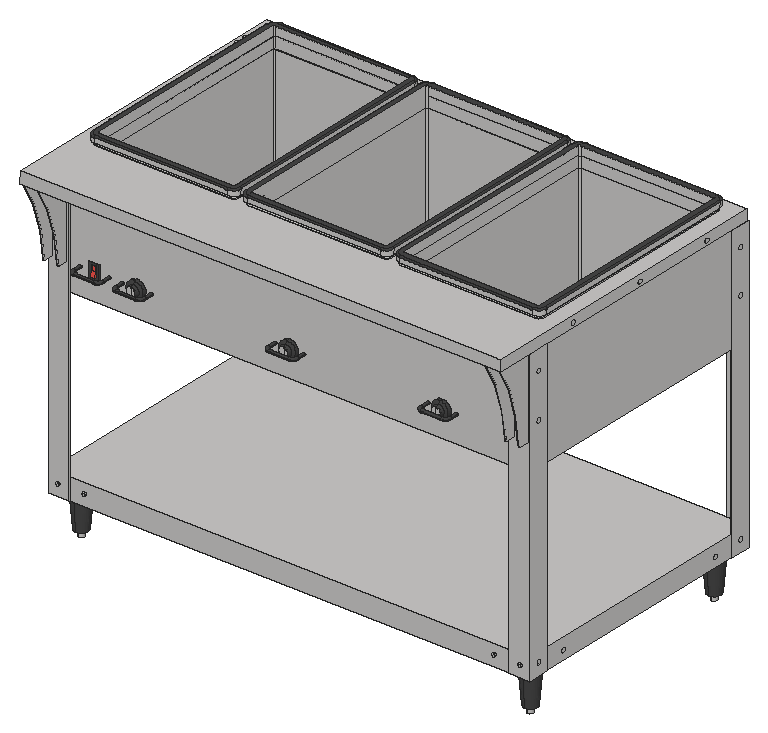
Revit family "QF_VOLLRATH_38203_SERVEWELL_SL_HOT_FOOD_TABLE", category Specialty Equipment, Revit 2022 (continued)
Definition of nested family "QF_VOLLRATH_38203"
  Automatic sketch dimensions
    Extrusion 26 sketch curve to Extrusion 26 sketch curve = 0.00199"
    Extrusion 26 sketch curve to Extrusion 26 sketch curve = 0.23749"
    Extrusion 26 sketch curve to Extrusion 26 sketch curve = 0"
    Extrusion 26 sketch curve to Extrusion 26 sketch curve = 0.25882"
    plane 12 to Extrusion 27 sketch curve = 6.80179"
    Extrusion 27 sketch curve to plane 6 "TOP" = 13.11387"
    Extrusion 28 sketch curve to plane 7 "Center Y" = 0.18117"
    Extrusion 28 sketch curve to plane 7 "Center Y" = 0.14163"
    Extrusion 28 sketch curve to plane 7 "Center Y" = 0.06355"
    plane 7 "Center Y" to Extrusion 28 sketch curve = 0.07708"
    plane 7 "Center Y" to Extrusion 28 sketch curve = 0.14883"
    plane 7 "Center Y" to Extrusion 28 sketch curve = 0.18117"
    plane 11 to Extrusion 28 sketch curve = 13 225/256"
    Extrusion 28 sketch curve to Extrusion 28 sketch curve = 0.77431"
    Extrusion 28 sketch curve to Extrusion 28 sketch curve = 0.00199"
    Extrusion 28 sketch curve to Extrusion 28 sketch curve = 0.23749"
    Extrusion 28 sketch curve to Extrusion 28 sketch curve = 0"
    Extrusion 28 sketch curve to Extrusion 28 sketch curve = 0.25882"
    plane 7 "Center Y" to Extrusion 29 sketch curve = 0.00088"
    Extrusion 29 sketch curve to plane 6 "TOP" = 13.11387"
    plane 4 "RIGHT" to Extrusion 30 sketch curve = 8.49367"
    Extrusion 30 sketch curve to Extrusion 30 sketch curve = 0.03954"
    Extrusion 30 sketch curve to Extrusion 30 sketch curve = 0.11762"
    Extrusion 30 sketch curve to Extrusion 30 sketch curve = 9/64"
    Extrusion 30 sketch curve to Extrusion 30 sketch curve = 0.29046"
    Extrusion 30 sketch curve to Extrusion 30 sketch curve = 0.10409"
    plane 11 to Extrusion 30 sketch curve = 13 225/256"
    Extrusion 30 sketch curve to Extrusion 30 sketch curve = 0.77431"
    Extrusion 30 sketch curve to Extrusion 30 sketch curve = 0.00199"
    Extrusion 30 sketch curve to Extrusion 30 sketch curve = 0.23749"
    Extrusion 30 sketch curve to Extrusion 30 sketch curve = 0"
    Extrusion 30 sketch curve to Extrusion 30 sketch curve = 0.25882"
    plane 4 "RIGHT" to Extrusion 31 sketch curve = 8.31162"
    Extrusion 31 sketch curve to plane 6 "TOP" = 13.11387"
    Extrusion 1 to Extrusion 32 sketch curve = 0.93013"  (x3)
    Extrusion 32 sketch curve to Extrusion 32 sketch curve = 2.99269"
    Extrusion 1 to Extrusion 32 sketch curve = 0.52024"  (x3)
    Extrusion 32 sketch curve to Extrusion 32 sketch curve = 4.0321"
    Extrusion 32 sketch curve to Extrusion 32 sketch curve = 8"  (x2)
    Extrusion 1 to Extrusion 32 sketch curve = 7.39159"
    Extrusion 1 to Extrusion 32 sketch curve = 4.40301"
    Extrusion 32 sketch curve to Extrusion 1 = 1.81291"
    Extrusion 32 sketch curve to Extrusion 32 sketch curve = 0"
    Extrusion 32 sketch curve to Extrusion 32 sketch curve = 2.98858"
    Extrusion 32 sketch curve to Extrusion 1 = 1.79886"
    Extrusion 32 sketch curve to Extrusion 32 sketch curve = 4.15231"
    Extrusion 32 sketch curve to Extrusion 32 sketch curve = 4 1/4"
    Extrusion 32 sketch curve to Extrusion 32 sketch curve = 20 3/4"
    Extrusion 32 sketch curve to Extrusion 32 sketch curve = 20.91394"
    Extrusion 32 sketch curve to Extrusion 32 sketch curve = 0.26147"
    Extrusion 32 sketch curve to Extrusion 32 sketch curve = 0.20927"
    plane 1 "BACK" to Extrusion 33 sketch curve = 0.93013"  (x3)
    plane 9 to Extrusion 33 sketch curve = 0.97789"  (x2)
    Extrusion 33 sketch curve to Extrusion 33 sketch curve = 2.99269"
    Extrusion 33 sketch curve to plane 6 "TOP" = 1.42378"  (x3)
    Extrusion 33 sketch curve to Extrusion 33 sketch curve = 4.0321"
    plane 8 "Center X" to Extrusion 33 sketch curve = 1.78778"
    plane 13 to Extrusion 33 sketch curve = 2.81572"
    plane 10 to Extrusion 33 sketch curve = 3.89159"
    plane 10 to Extrusion 33 sketch curve = 0.90301"  (x3)
    Extrusion 33 sketch curve to plane 11 = 0.81284"
    Extrusion 33 sketch curve to plane 11 = 0.76064"
    Extrusion 33 sketch curve to plane 6 "TOP" = 8.01064"
    Extrusion 33 sketch curve to Extrusion 33 sketch curve = 6.47512"
    Extrusion 33 sketch curve to plane 6 "TOP" = 3.76064"
    Extrusion 33 sketch curve to plane 6 "TOP" = 3.74659"
    Extrusion 34 sketch curve to Extrusion 3 = 0.93848"  (x3)
    Extrusion 34 sketch curve to Extrusion 3 = 1.43848"
    Extrusion 3 to Extrusion 34 sketch curve = 1.09351"  (x4)
    Extrusion 34 sketch curve to Extrusion 34 sketch curve = 39.24805"
    Extrusion 34 sketch curve to Extrusion 34 sketch curve = 2 1/2"
    Extrusion 3 to Extrusion 34 sketch curve = 6.04277"
    Extrusion 34 sketch curve to Extrusion 34 sketch curve = 0"  (x2)
    Extrusion 3 to Extrusion 34 sketch curve = 1.79277"  (x2)
    Extrusion 34 sketch curve to Extrusion 34 sketch curve = 4 1/4"
    Revolve 35 sketch curve to plane 9 = 0"
    Revolve 35 sketch curve to level = 0"
    plane 10 to Revolve 35 sketch curve = 1.00812"
    level to Revolve 35 sketch curve = 9/16"
    plane 10 to Revolve 35 sketch curve = 1.30886"
    Revolve 35 sketch curve to Revolve 35 sketch curve = 0.34739"
    Revolve 35 sketch curve to Revolve 35 sketch curve = 9/32"  (x2)
    Revolve 35 sketch curve to Revolve 35 sketch curve = 1/4"
    Revolve 35 sketch curve to Revolve 35 sketch curve = 1/16"
    Revolve 36 sketch curve to plane 9 = 0"
    Revolve 36 sketch curve to level = 0"
    plane 1 "BACK" to Revolve 36 sketch curve = 1.13312"
    level to Revolve 36 sketch curve = 9/16"
    plane 1 "BACK" to Revolve 36 sketch curve = 1.43386"
    Revolve 36 sketch curve to Revolve 36 sketch curve = 0.34739"
    Revolve 36 sketch curve to Revolve 36 sketch curve = 9/32"  (x2)
    Revolve 36 sketch curve to Revolve 36 sketch curve = 1/16"
    Revolve 36 sketch curve to Revolve 36 sketch curve = 1/4"
    Revolve 37 sketch curve to plane 9 = 0"
    Revolve 37 sketch curve to level = 0"
    plane 1 "BACK" to Revolve 37 sketch curve = 1.13312"
    level to Revolve 37 sketch curve = 9/16"
    plane 1 "BACK" to Revolve 37 sketch curve = 1.43386"
    Revolve 37 sketch curve to Revolve 37 sketch curve = 0.34739"
    Revolve 37 sketch curve to Revolve 37 sketch curve = 9/32"  (x2)
    Revolve 37 sketch curve to level = 1/4"
    Revolve 37 sketch curve to Revolve 37 sketch curve = 1/16"
    plane 13 to Blend 38 sketch curve = 0"
    plane 4 "RIGHT" to Blend 38 sketch curve = 5.93727"
    plane 4 "RIGHT" to Blend 38 sketch curve = 1.43727"
    plane 10 to Blend 38 sketch curve = 2.97336"
    plane 13 to Blend 38 sketch curve = 1/2"
    plane 4 "RIGHT" to Blend 38 sketch curve = 5.43727"
    plane 4 "RIGHT" to Blend 38 sketch curve = 1.93727"
    plane 10 to Blend 38 sketch curve = 3.47336"
    plane 13 to Blend 39 sketch curve = 0"
    plane 12 to Blend 39 sketch curve = 4.43727"
    Blend 39 sketch curve to plane 12 = 0.06273"
    plane 10 to Blend 39 sketch curve = 2.97336"
    plane 13 to Blend 39 sketch curve = 1/2"
    plane 12 to Blend 39 sketch curve = 3.93727"
    plane 12 to Blend 39 sketch curve = 0.43727"
    plane 10 to Blend 39 sketch curve = 3.47336"
    plane 4 "RIGHT" to Blend 40 sketch curve = 5.93727"
    plane 4 "RIGHT" to Blend 40 sketch curve = 1.43727"
    plane 8 "Center X" to Blend 40 sketch curve = 6.8801"
    Blend 40 sketch curve to Blend 40 sketch curve = 4.88014"
    plane 4 "RIGHT" to Blend 40 sketch curve = 5.43727"
    plane 4 "RIGHT" to Blend 40 sketch curve = 1.93727"
    plane 8 "Center X" to Blend 40 sketch curve = 7.3801"
    Blend 40 sketch curve to Blend 40 sketch curve = 3.88014"
    plane 12 to Blend 41 sketch curve = 4.43727"
    Blend 41 sketch curve to plane 12 = 0.06273"
    plane 1 "BACK" to Blend 41 sketch curve = 2.98976"
    plane 8 "Center X" to Blend 41 sketch curve = 6.8801"
    plane 12 to Blend 41 sketch curve = 3.93727"
    plane 12 to Blend 41 sketch curve = 0.43727"
    plane 1 "BACK" to Blend 41 sketch curve = 3.48976"
    Blend 41 sketch curve to Blend 41 sketch curve = 3.88014"
    Extrusion 25 sketch curve to Extrusion 25 sketch curve = 0"  (x6)
    radius of Sweep 14 sketch curve = 1/8"
    radius of Sweep 16 sketch curve = 1/8"
    radius of Sweep 18 sketch curve = 1/8"
    radius of Sweep 21 sketch curve = 1/8"
    radius of Split face 2 sketch curve = 0.16586"
    radius of Extrusion 22 sketch curve to Extrusion 2 = 0"  (x4)
    radius of Extrusion 22 sketch curve = 1/2"  (x3)
    radius of Extrusion 23 sketch curve = 1/4"  (x4)
    radius of Extrusion 24 sketch curve = 1/2"
    radius of Extrusion 25 sketch curve = 1/2"  (x3)
    radius of Extrusion 27 sketch curve = 1/4"
    radius of Extrusion 29 sketch curve = 1/4"
    radius of Extrusion 31 sketch curve = 1/4"
    radius of Extrusion 32 sketch curve = 0.17669"  (x11)
    radius of Extrusion 33 sketch curve = 0.17669"  (x11)
    radius of Extrusion 34 sketch curve = 0.14866"  (x8)
    radius of Extrusion 25 sketch curve = 9/16"  (x3)
  Connectors (in)
    electrical at (4.37729, -23.99392, 21.75393)
      settings: on Extrusion 24, index 1, voltage 0 V, apparent load 0 VA, apparent load phase1 0 VA, apparent load phase2 0 VA, apparent load phase3 0 VA, power factor 1, load classification none, number of poles 1, system type 30, power factor state 1, is connector primary yes, connector utility no, sub classification motor no, connector description "ELECTRICAL CONNECTION"
